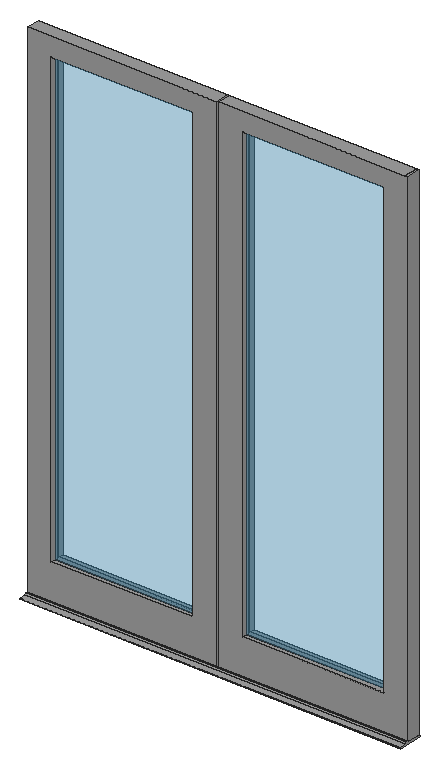
Revit family "AD-375 DOOR-Double-1-PD-SF_v05", category Curtain Panels, Revit 2015
Parameters
  Width [instance] = 6' - 2"
  URL = "obe.com"
  Rough Width [instance] = 6' - 0"
  Offset [instance] = 0' - 0"
  Model = "AD-375 DOOR"
  Min Panel Width [instance] = if(Rough Width > 5' 11 255/256", Rough Width, 6' 0")  # 6' - 0"
  Manufacturer = "Oldcastle BuildingEnvelope®"
  Keynote = "08 11 00"
  Height [instance] = 8' - 0"
  Glass Material = Glass
  Frame Material = Aluminum
  Door Panel Height [instance] = Height + 0' 0 19/32"  # 8' - 0 19/32"
  Description = "AD-375 - 1\" Door Infill"
  Assembly Code = "B2030"
  Analytic Construction = "<None>"
  6 Bottom Rail [instance] = yes
  10 Bottom Rail [instance] = not([6 Bottom Rail])  # no
Reference planes (in)
  plane 1 "Front": y = 0
  plane 2: z = 0
  plane 3 "Center (Left/Right)": x = 0
  plane 4 "Left": x = -37
  plane 5 "Right": x = 37
  plane 6 "Top": z = 96
  plane 7: x = -36
  plane 8: x = 36
Text (in)
  text "Exterior" at (-54.29358, 31.38743, 0), in view "Ref. Level"
  text "Exterior" at (480, 41.53993, 89.60405), in view "Right"
  text "Exterior" at (-240, 57.82419, 105.78864), in view "Left"
Dimensions and locks (in)
  "Height": plane 6 "Top" to plane 2
  "Width": plane 4 "Left" to plane 5 "Right"
  equal spacing: plane 4 "Left", plane 3 "Center (Left/Right)", plane 5 "Right"
  equal spacing: plane 7, plane 3 "Center (Left/Right)", plane 8
  "Min Panel Width": plane 7 to plane 8
  aligned and locked: level to plane 2
  aligned and locked: plane 3 "Center (Left/Right)" to nested 1
  aligned and locked: plane 1 "Front" to nested 1
Nested families (in)
  nested 1: "AD-375 DOOR-Double-1-PD-Panel_v04" at (0, -16, 0), Frame Material <- "Frame Material", Glass Material <- "Glass Material", 6 Bottom Rail <- "6 Bottom Rail", Height <- "Door Panel Height", Width <- "Min Panel Width", Offset <- "Offset", type "AD-375 DOOR-Double-1-PD-Panel_v04"
    with built-in parameter 1001301 6' - 0", Offset 0' - 0", built-in parameter 1001300 8' - 0 19/32", Glass Material Glass, Frame Material Aluminum, Bottom Rail 0' - 6 19/32", 6 Bottom Rail yes, 10 Bottom Rail no
Definition of nested family "AD-375 DOOR-Double-1-PD-Panel_v04"
  Parameters (values of type "AD-375 DOOR-Double-1-PD-Panel_v04")
    Width [instance] = 6' - 0"
    Offset [instance] = 0' - 11"
    Height [instance] = 7' - 0"
    Glass Material [instance] = none
    Frame Material [instance] = none
    Bottom Rail [instance] = if([10 Bottom Rail], 0' 10 19/32", 0' 6 19/32")  # 0' - 6 19/32"
    Analytic Construction = "<None>"
    6 Bottom Rail [instance] = yes
    10 Bottom Rail [instance] = not([6 Bottom Rail])  # no
  Reference planes (in)
    plane 1 "00": y = 3.5625
    plane 2: z = 0
    plane 3 "Center (Left/Right)": x = 0
    plane 4: z = 84
    plane 5: x = -36
    plane 6: x = 36
    plane 7 "Center (Front/Back)": y = 16
    plane 8 "Exterior": y = 4.0625
    plane 9: z = 42
    plane 10: z = 6.59375
    plane 11: z = 80.46875
    plane 12: z = 0
    plane 13: x = -31.87499
    plane 14: x = 31.87504
    plane 15: y = 5
  Forms (in)
    Sweep 1, solid, material <- "Frame Material"
      path origin (0, 3.5625, 0) x (1, 0, 0) y (0, 0, 1)
        loop
          line (-35.93745, 84) -> (-0.19141, 84)
      profile origin (-18.06443, 3.5625, 84) x (0, 0, 1) y (0, -1, 0)
        loop
          line (-0.59375, -1.3187) -> (-0.59375, 1.3187) -> (-3.96875, 1.3187) -> (-3.96875, 0.5) -> (-3.53125, 0.5) -> (-3.53125, -0.5) -> (-3.96875, -0.5) -> (-3.96875, -1.3187) -> (-0.59375, -1.3187)
    Sweep 2, solid, material <- "Frame Material"
      path origin (0, 3.5625, 0) x (1, 0, 0) y (0, 0, 1)
        loop
          line (-0.19141, 0) -> (-35.43058, 0)
      profile origin (-17.81099, 3.5625, 0) x (0, 0, -1) y (0, -1, 0)
        loop
          line (-0.375, 1.3187) -> (-7.125, 1.3187) -> (-7.125, 0.5) -> (-6.59375, 0.5) -> (-6.59375, -0.5) -> (-7.125, -0.5) -> (-7.125, -1.3187) -> (-0.375, -1.3187) -> (-0.375, 1.3187)
    Sweep 3, solid, material <- "Frame Material"
      path origin (0, 3.5625, 0) x (1, 0, 0) y (0, 0, 1)
        loop
          line (36, 83.28125) -> (36, 0.375)
      profile origin (36, 3.5625, 41.82813) x (0, -1, 0) y (1, 0, 0)
        loop
          line (-1.3187, -4.56246) -> (-0.5, -4.56246) -> (-0.5, -4.12496) -> (0.5, -4.12496) -> (0.5, -4.56246) -> (1.31797, -4.56246) -> (1.31797, -0.0625) -> (-1.3187, -0.0625) -> (-1.3187, -4.56246)
    Sweep 4, solid, material <- "Frame Material"
      path origin (0, 3.5625, 0) x (1, 0, 0) y (0, 0, 1)
        loop
          line (-36, 83.40625) -> (-36, 0.375)
      profile origin (-36, 3.5625, 41.89063) x (0, -1, 0) y (1, 0, 0)
        loop
          line (-1.3187, 4.56251) -> (-1.3187, 0.06255) -> (1.3187, 0.06255) -> (1.3187, 4.56251) -> (0.5, 4.56251) -> (0.5, 4.12501) -> (-0.5, 4.12501) -> (-0.5, 4.56251) -> (-1.3187, 4.56251)
    Sweep 5, solid, material <- "Frame Material"
      path origin (0, 3.5625, 0) x (1, 0, 0) y (0, 0, 1)
        loop
          line (0, 83.40625) -> (0, 0.375)
      profile origin (0, 3.5625, 41.89062) x (0, -1, 0) y (1, 0, 0)
        loop
          line (-1.3187, -4.77723) -> (-0.5, -4.77723) -> (-0.5, -4.33973) -> (0.5, -4.33973) -> (0.5, -4.77723) -> (1.31797, -4.77723) -> (1.31797, -0.19141) -> (-1.3187, -0.19141) -> (-1.3187, -4.77723)
        loop
          line (1.31797, 4.69069) -> (0.5, 4.69069) -> (0.5, 4.25319) -> (-0.5, 4.25319) -> (-0.5, 4.69069) -> (-1.31943, 4.69069) -> (-1.31943, 0.19166) -> (1.31797, 0.19166) -> (1.31797, 4.69069)
    Sweep 6, solid, material <- "Frame Material"
      path origin (0, 3.5625, 0) x (1, 0, 0) y (0, 0, 1)
        loop
          line (4.25319, 84) -> (35.43241, 84)
      profile origin (19.8428, 3.5625, 84) x (0, 0, 1) y (0, -1, 0)
        loop
          line (-0.59375, -1.3187) -> (-0.59375, 1.3187) -> (-2.30843, 1.3187) -> (-3.96875, 1.3187) -> (-3.96875, 0.5) -> (-3.53125, 0.5) -> (-3.53125, -0.5) -> (-3.96875, -0.5) -> (-3.96875, -1.3187) -> (-2.30843, -1.3187) -> (-0.59375, -1.3187)
    Sweep 7, solid, material <- "Frame Material"
      path origin (0, 3.5625, 0) x (1, 0, 0) y (0, 0, 1)
        loop
          line (35.43241, 0) -> (0.19166, 0)
      profile origin (17.81203, 3.5625, 0) x (0, 0, -1) y (0, -1, 0)
        loop
          line (-3.49593, -1.3187) -> (-0.375, -1.3187) -> (-0.375, 1.31797) -> (-7.125, 1.31797) -> (-7.125, 0.5) -> (-6.59375, 0.5) -> (-6.59375, -0.5) -> (-7.125, -0.5) -> (-7.125, -1.3187) -> (-3.49593, -1.3187)
    Extrusion 8, solid, material <- "Glass Material", detail levels medium+fine
      sketch origin (0, 0, 0) x (1, 0, 0) y (0, 1, 0)
        loop
          line (4.25319, 4.0625) -> (4.25319, 3.8145) -> (31.87504, 3.8145) -> (31.87504, 4.0625) -> (4.25319, 4.0625)
        loop
          line (31.87504, 3.0625) -> (31.87504, 3.3105) -> (4.25319, 3.3105) -> (4.25319, 3.0625) -> (31.87504, 3.0625)
      from 6.59375 to 80.46875
    Extrusion 9, solid, material <- "Glass Material", detail levels coarse
      sketch origin (0, 0, 0) x (1, 0, 0) y (0, 1, 0)
        loop
          line (4.25319, 4.0625) -> (4.25319, 3.0625) -> (31.87504, 3.0625) -> (31.87504, 4.0625) -> (4.25319, 4.0625)
      from 6.59375 to 80.46875
    Extrusion 10, solid, material <- "Glass Material", detail levels coarse
      sketch origin (0, 0, 0) x (1, 0, 0) y (0, 1, 0)
        loop
          line (-31.87499, 4.0625) -> (-31.87499, 3.0625) -> (-4.33973, 3.0625) -> (-4.33973, 4.0625) -> (-31.87499, 4.0625)
      from 6.59375 to 80.46875
    Extrusion 11, solid, material <- "Glass Material", detail levels medium+fine
      sketch origin (0, 0, 0) x (1, 0, 0) y (0, 1, 0)
        loop
          line (-31.87499, 4.0625) -> (-31.87499, 3.8145) -> (-4.33973, 3.8145) -> (-4.33973, 4.0625) -> (-31.87499, 4.0625)
        loop
          line (-31.87499, 3.3105) -> (-31.87499, 3.0625) -> (-4.33973, 3.0625) -> (-4.33973, 3.3105) -> (-31.87499, 3.3105)
      from 6.59375 to 80.46875
    Sweep 12, solid, material <- "Frame Material"
      path origin (0, 3.5625, 0) x (1, 0, 0) y (0, 0, 1)
        loop
          line (-35.93745, 0) -> (35.9375, 0)
      profile origin (0.00003, 3.5625, 0) x (0, 0, 1) y (0, -1, 0)
        loop
          line (0.256, -0.69426) -> (0.256, 1.3187) -> (0.506, 1.3187) -> (0.506, 1.73385) -> (0.256, 1.86985) -> (0.09997, 3.0264)
          arc (0.09997, 3.0264) -> (0.08866, 3.04745) -> (0.06628, 3.05585) r 0.034
          line (0.06628, 3.05585) -> (0, 3.05585) -> (0, -1.44514)
          arc (0, -1.44514) -> (0.07849, -1.40969) -> (0.1262, -1.33799) r 0.156
          line (0.1262, -1.33799) -> (0.256, -0.69426)
  Cuts and joins
    joined: Sweep 1, Sweep 2, Sweep 3, Sweep 4, Sweep 5, Sweep 6, Sweep 7
  Lines and regions (in)
    model lines
      curve 1: line (4.25319, 4.0625, 80.46875) -> (31.43754, 4.0625, 42)
      curve 2: line (31.43754, 4.0625, 42) -> (4.25319, 4.0625, 6.59375)
      curve 3: line (-4.33973, 4.0625, 80.46875) -> (-31.43749, 4.0625, 42)
      curve 4: line (-31.43749, 4.0625, 42) -> (-4.33973, 4.0625, 6.59375)
  Dimensions and locks (in)
    "Height": plane 4 to level
    locked: plane 1 "00" to plane 8 "Exterior" at 0.5
    equal spacing: level, plane 9, plane 4
    locked: plane 3 "Center (Left/Right)" to Sweep 2 sketch curve at 0.19141
    locked: Sweep 3 sketch curve to plane 4 at 0.71875
    locked: Sweep 4 sketch curve to plane 4 at 0.59375
    locked: plane 3 "Center (Left/Right)" to Sweep 1 sketch curve at 0.19141
    locked: Sweep 6 sketch curve to plane 3 "Center (Left/Right)" at 4.25319
    locked: Sweep 7 sketch curve to plane 3 "Center (Left/Right)" at 0.19166
    Sweep 5 sketch curve to plane 4 = 0' - 0 19/32"
    locked: Sweep 7 sketch curve to plane 10 at 0.53125  (x2)
    locked: Sweep 2 sketch curve to plane 10 at 0.53125  (x2)
    equal spacing: plane 4, plane 9, plane 12
    locked: plane 4 to plane 11 at 3.53125
    Extrusion 11 sketch curve to Extrusion 11 sketch curve to plane 1 "00" to Extrusion 11 sketch curve to Extrusion 11 sketch curve = 0' - 0.248" locked, 0' - 0.252" locked, 0' - 0.252" locked, 0' - 0.248" locked
    Extrusion 10 sketch curve to plane 1 "00" to Extrusion 10 sketch curve = 0' - 0 1/2" locked, 0' - 0 1/2" locked
    Extrusion 9 sketch curve to plane 1 "00" to Extrusion 9 sketch curve = 0' - 0 1/2" locked, 0' - 0 1/2" locked
    Extrusion 8 sketch curve to Extrusion 8 sketch curve to plane 1 "00" to Extrusion 8 sketch curve to Extrusion 8 sketch curve = 0' - 0.248" locked, 0' - 0.252" locked, 0' - 0.252" locked, 0' - 0.248" locked
    "Bottom Rail": plane 10 to plane 12
    locked: Extrusion 11 sketch curve to plane 3 "Center (Left/Right)" at 4.33973  (x2)
    locked: Extrusion 10 sketch curve to plane 3 "Center (Left/Right)" at 4.33973
    locked: plane 3 "Center (Left/Right)" to Extrusion 9 sketch curve at 4.25319
    locked: plane 3 "Center (Left/Right)" to Extrusion 8 sketch curve at 4.25319  (x2)
    locked: plane 5 to plane 13 at 4.12501
    locked: plane 14 to plane 6 at 4.12496
    locked: Sweep 2 sketch curve to plane 5 at 0.56942
    locked: plane 6 to Sweep 7 sketch curve at 0.56759
    locked: plane 6 to Sweep 6 sketch curve at 0.56759
    Sweep 1 sketch curve to plane 5 = 0' - 0.06255"
    equal spacing: plane 5, plane 3 "Center (Left/Right)", plane 6
    "Width": plane 5 to plane 6
    locked: plane 6 to Sweep 12 sketch curve at 0.0625
    locked: Sweep 12 sketch curve to plane 5 at 0.06255
    locked: plane 12 to Sweep 3 sketch curve at 0.375
    locked: plane 12 to Sweep 5 sketch curve at 0.375
    locked: plane 12 to Sweep 4 sketch curve at 0.375
    locked: plane 1 "00" to plane 15 at 1.4375
    "Offset": plane 15 to plane 7 "Center (Front/Back)"
    aligned and locked: plane 2 to level
    aligned and locked: Sweep 1 sketch curve to plane 4
    aligned and locked: plane 3 "Center (Left/Right)" to Sweep 5 sketch curve
    aligned and locked: Sweep 7 sketch curve to level
    aligned and locked: plane 4 to Sweep 6 sketch curve
    aligned and locked: plane 11 to Extrusion 11
    aligned and locked: plane 11 to Extrusion 8
    aligned and locked: plane 11 to Extrusion 9
    aligned and locked: Sweep 6 sketch curve to plane 11
    aligned and locked: plane 10 to Sweep 2 sketch curve
    aligned and locked: Sweep 1 sketch curve to plane 11
    aligned and locked: Extrusion 8 to plane 10
    aligned and locked: Extrusion 9 to plane 10
    aligned and locked: Extrusion 11 to plane 10
    aligned and locked: Extrusion 11 to plane 13  (x2)
    aligned and locked: plane 14 to Extrusion 9
    aligned and locked: plane 14 to Extrusion 8  (x2)
    aligned and locked: Extrusion 8 to curve 2
    aligned and locked: plane 9 to curve 2
    aligned and locked: curve 1 to Extrusion 8
    aligned and locked: Sweep 7 sketch curve to plane 1 "00"
    aligned and locked: plane 12 to Sweep 2 sketch curve
    aligned and locked: Sweep 12 sketch curve to plane 12
    aligned and locked: Extrusion 8 to Extrusion 10
  Automatic sketch dimensions
    Sweep 1 sketch curve to Sweep 1 sketch curve = 0' - 0 7/16"  (x2)
    profile plane to Sweep 1 sketch curve = 0' - 0 19/32"
    Sweep 1 sketch curve to plane 1 "00" = 0' - 1.3187"
    Sweep 1 sketch curve to plane 1 "00" = 0' - 0 1/2"
    plane 1 "00" to Sweep 1 sketch curve = 0' - 0 1/2"
    plane 1 "00" to Sweep 1 sketch curve = 0' - 1.3187"
    Sweep 2 sketch curve to plane 1 "00" = 0' - 0 1/2"
    plane 1 "00" to Sweep 2 sketch curve = 0' - 0 1/2"
    Sweep 2 sketch curve to Sweep 2 sketch curve = 0' - 0.8187"
    Sweep 3 sketch curve to plane 6 = 0' - 0"
    Sweep 3 sketch curve to plane 1 "00" = 0' - 1.3187"
    Sweep 3 sketch curve to plane 1 "00" = 0' - 0 1/2"
    plane 1 "00" to Sweep 3 sketch curve = 0' - 0 1/2"
    Sweep 3 sketch curve to Sweep 3 sketch curve = 0' - 0.81797"
    profile plane to Sweep 3 sketch curve = 0' - 4.56246"
    Sweep 3 sketch curve to Sweep 3 sketch curve = 0' - 0"
    Sweep 3 sketch curve to Sweep 3 sketch curve = 0' - 0 7/16"
    profile plane to Sweep 3 sketch curve = 0' - 0 1/16"
    Sweep 4 sketch curve to plane 5 = 0' - 0"
    Sweep 5 sketch curve to plane 1 "00" = 0' - 1.3187"
    Sweep 5 sketch curve to Sweep 5 sketch curve = 0' - 0.00073"
    Sweep 5 sketch curve to plane 1 "00" = 0' - 0 1/2"  (x2)
    plane 1 "00" to Sweep 5 sketch curve = 0' - 0 1/2"  (x2)
    Sweep 5 sketch curve to profile plane = 0' - 0.19166"
    plane 1 "00" to Sweep 5 sketch curve = 0' - 1.31797"
    Sweep 5 sketch curve to Sweep 5 sketch curve = 0' - 0 7/16"  (x4)
    Sweep 5 sketch curve to Sweep 5 sketch curve = 0' - 4.06153"
    Sweep 6 sketch curve to Sweep 6 sketch curve = 0' - 0 7/16"  (x2)
    Sweep 6 sketch curve to Sweep 6 sketch curve = 0' - 1.22282"  (x2)
    profile plane to Sweep 6 sketch curve = 0' - 0 19/32"
    Sweep 6 sketch curve to plane 1 "00" = 0' - 1.3187"
    Sweep 6 sketch curve to plane 1 "00" = 0' - 0 1/2"
    plane 1 "00" to Sweep 6 sketch curve = 0' - 0 1/2"
    plane 1 "00" to Sweep 6 sketch curve = 0' - 1.3187"
    Sweep 7 sketch curve to Sweep 7 sketch curve = 0' - 0 17/32"
    Sweep 7 sketch curve to profile plane = 0' - 1.3187"
    Sweep 7 sketch curve to Sweep 7 sketch curve = 0' - 3.09782"
    Sweep 7 sketch curve to profile plane = 0' - 0 1/2"
    profile plane to Sweep 7 sketch curve = 0' - 0 1/2"
    profile plane to Sweep 7 sketch curve = 0' - 1.31797"
    Extrusion 8 sketch curve to plane 14 = 0' - 0"  (x2)
    Extrusion 9 sketch curve to plane 14 = 0' - 0"
    Extrusion 11 sketch curve to plane 13 = 0' - 0"  (x2)
    curve 4 to plane 9 = 0' - 0"
    curve 2 to plane 10 = 0' - 0"
    curve 4 to plane 10 = 0' - 0"
    curve 3 to plane 11 = 0' - 0"
    curve 1 to plane 11 = 0' - 0"
    plane 13 to curve 3 = 0' - 0 7/16"
    curve 2 to plane 14 = 0' - 0 7/16"
    Sweep 5 sketch curve to Sweep 5 sketch curve = 0' - 4.14832"
    profile plane to Sweep 5 sketch curve = 0' - 0 49/256"
    Sweep 5 sketch curve to Sweep 5 sketch curve = 0' - 0"
    profile plane to Sweep 7 sketch curve = 0' - 0 3/8"
    profile plane to Sweep 2 sketch curve = 0' - 0 3/8"
    Sweep 2 sketch curve to plane 1 "00" = 0' - 1.3187"
    Sweep 12 sketch curve to profile plane = 0' - 0.256"  (x2)
    Sweep 12 sketch curve to plane 1 "00" = 0' - 0.69426"
    Sweep 12 sketch curve to profile plane = 0' - 0.1262"
    Sweep 12 sketch curve to Sweep 12 sketch curve = 0' - 0.64374"
    plane 1 "00" to Sweep 12 sketch curve = 0' - 1.3187"
    profile plane to Sweep 12 sketch curve = 0' - 0.02248"
    Sweep 12 sketch curve to Sweep 12 sketch curve = 0' - 0.04722"
    Sweep 12 sketch curve to Sweep 12 sketch curve = 0' - 1.73715"
    Sweep 12 sketch curve to Sweep 12 sketch curve = 0' - 0 1/4"
    Sweep 12 sketch curve to Sweep 12 sketch curve = 0' - 0.41515"
    Sweep 12 sketch curve to Sweep 12 sketch curve = 0' - 0.136"
    Sweep 12 sketch curve to profile plane = 0' - 0.09997"
    Sweep 12 sketch curve to Sweep 12 sketch curve = 0' - 0.02945"
    Sweep 12 sketch curve to Sweep 12 sketch curve = 0' - 0.00455"
    profile plane to Sweep 12 sketch curve = 0' - 0"
    Sweep 4 sketch curve to plane 1 "00" = 0' - 1.3187"
    Sweep 4 sketch curve to plane 1 "00" = 0' - 0 1/2"
    plane 1 "00" to Sweep 4 sketch curve = 0' - 0 1/2"
    Sweep 4 sketch curve to Sweep 4 sketch curve = 0' - 0.8187"
    Sweep 4 sketch curve to profile plane = 0' - 0.06255"
    Sweep 4 sketch curve to profile plane = 0' - 4 1/8"
    Sweep 4 sketch curve to Sweep 4 sketch curve = 0' - 0 7/16"  (x2)
    Extrusion 10 sketch curve to plane 13 = 0' - 0"
    curve 3 to plane 3 "Center (Left/Right)" = 0' - 4.33973"
    curve 4 to plane 3 "Center (Left/Right)" = 0' - 4.33973"
